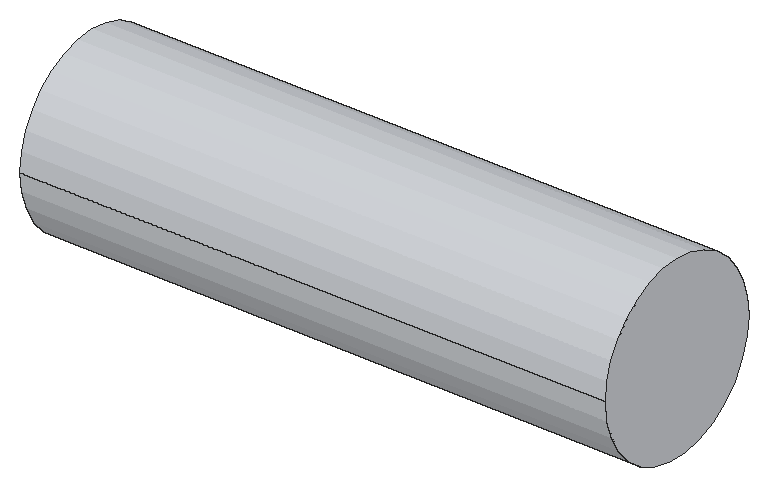
Revit family "PA_BATH-MIXER_LECICO_Concealed-Shower-Mixer-Diverter_PC", category Pipe Accessories, Revit 2015
Parameters (values of type "Lecico Neon Bath Mixer Diverter")
  URL = "http://www.lecico.co.za/products/neon-bath-mixer-diverter/"
  Shower Mixer Hight = 400 mm
  Manufacturer = "Lecico"
  Description = "Concealed Bath Mixer Diverter"
  Created By = "Tolani Civil Projects cc"
Reference planes
  plane 1 "Center (Front/Back)": y = 0
  plane 2: z = 0
  plane 3 "Center (Left/Right)": x = 0
  plane 4: z = 400
  plane 5: y = 32.475
Forms (mm)
  Extrusion 1, solid
    sketch origin (0, 0, 0) x (0, 1, 0) y (0, 0, 1)
      loop
        circle (32.475, 400) r 8
    from -26.25 to 26.25
Dimensions and locks
  "Shower Mixer Hight": plane 4 to plane 2
  locked: plane 5 to plane 1 "Center (Front/Back)" at 32.475
  locked: import instance to plane 4 at 54.893
  aligned and locked: level to plane 2
  aligned and locked: plane 1 "Center (Front/Back)" to import instance
  aligned and locked: plane 3 "Center (Left/Right)" to import instance
  aligned and locked: Extrusion 1 sketch curve to plane 5
  aligned and locked: plane 4 to Extrusion 1 sketch curve
  aligned and locked: Extrusion 1 to import instance
  aligned and locked: import instance to Extrusion 1
Automatic sketch dimensions
  radius of Extrusion 1 sketch curve = 8 mm
Connectors
  piping at (-26.25, 32.475, 400), diameter 16
    settings: on Extrusion 1, index 1, connector inside diameter 609.6 mm, connector length 0 mm, flow factor 0, pipe flow 0.0 L/s, pressure drop 0.0 Pa, fitting loss kfactor 0, connector angle 0.00°, fixture units 0, engagement length 0 mm, angle of deflection 0.00°, flow configuration 0, flow direction 0, fitting loss method 0, system type 19, joint type 0, gender type 0, connector reference index -1, connector utility 0, adjustable connector no, is connector primary yes, connector description ""
  piping at (26.25, 32.475, 400), diameter 16
    settings: on Extrusion 1, index 2, connector inside diameter 609.6 mm, connector length 0 mm, flow factor 0, pipe flow 0.0 L/s, pressure drop 0.0 Pa, fitting loss kfactor 0, connector angle 0.00°, fixture units 0, engagement length 0 mm, angle of deflection 0.00°, flow configuration 0, flow direction 0, fitting loss method 0, system type 20, joint type 0, gender type 0, connector reference index -1, connector utility 0, adjustable connector no, is connector primary no, connector description ""
